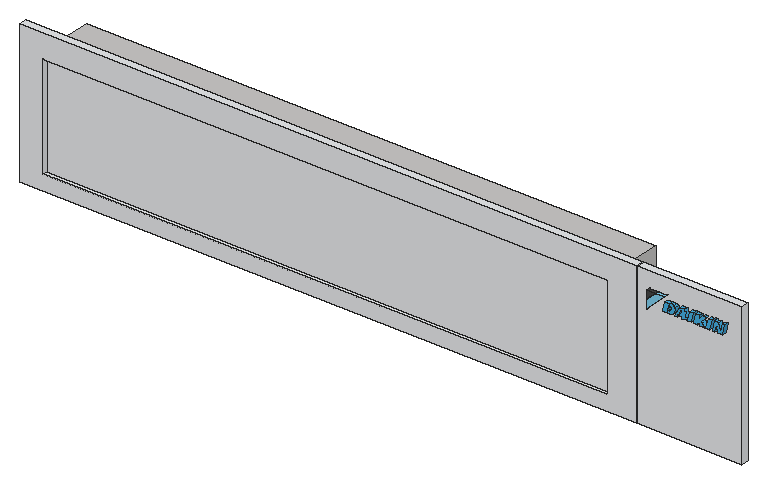
Revit family "outputfile", category 制気口, Revit 2024
Family settings
  丸型コネクタ寸法 = 直径を使用
  パーツ タイプ = 標準
  OmniClass 番号 = 23.75.70.21.27.11
  OmniClass タイトル = Diffusers, Registers, and Grilles
  作業面ベース = いいえ
  常に垂直 = はい
  ロード時にボイドで切り取り = いいえ
  注釈の向きを維持 = いいえ
  共有 = いいえ
  部屋計算ポイント = いいえ
Parameters (values of type "FPRAQ50APVM")
  Description = ""
  製造元 = "Daikin"
  書き出し IFC クラス(タイプ) = "IfcAirTerminalType"
  Default Elevation = 0 mm
  定義済み IFC タイプ(タイプ) = "GRILLE"
  Cost = 0
  モデル = "FPRAQ50APVM"
  Type Comments = ""
  Keynote = ""
  Type Image = (empty or 0)
  Assembly Code = ""
  Width = 922 mm
  Version = "ver.1.0"
  Unit Type = "Moisture Control 3D Air Flow Ceiling Mounted Duct Type"
  Unit Designation [instance] = ""
  Uniclass2015Version = "Products v1.35"
  Uniclass2015Title = "Air grilles"
  Uniclass2015Code = "Pr_70_65_04_03"
  URL = ""
  Series = "VRV Fan Coil Unit"
  SA Duct Size Width = 656 mm
  SA Duct Size Height = 141 mm
  Material_Grille = DAIKIN_FreshWhite_Panel_indoorunit
  IfcVersion = ""
  IfcExportType = "GRILLE"
  IfcExportAs = "IfcAirTerminalType"
  Height = 180 mm
  FCU Tag No. [instance] = ""
  Design Supply Airflow [instance] = 0.00 m³/h
  Depth = 70 mm
Reference planes
  plane 1 "Center (Front/Back)": y = 0
  plane 2: z = 90
  plane 3 "Center (Left/Right)": x = 10
  plane 4: x = 471
  plane 5: x = 337
  plane 6: x = -451
  plane 7: z = -90
  plane 8: z = -90
  plane 9: z = -75
  plane 10: x = 404
  plane 11: x = -421
  plane 12 "Center (Elevation)": z = 0
  plane 13: y = -10
  plane 14: y = -5
  plane 15: y = 60
  plane 16: z = 70.5
  plane 17: x = 305
  plane 18: z = 60
  plane 19: z = -23
  plane 20: z = -70.5
  plane 21: x = 408.5
  plane 22: x = 368
  plane 23: x = -58
Forms (mm)
  Extrusion 1, solid, material "DAIKIN_FreshWhite_Panel_indoorunit" <- "Material_Grille"
    sketch origin (10, 0, 0) x (0, 1, 0) y (0, 0, 1)
      loop
        line (0, 90) -> (-10, 90) -> (-10, -90) -> (0, -90) -> (0, 90)
    from 327 to 461
  Extrusion 2, solid, material "DAIKIN_FreshWhite_Panel_indoorunit" <- "Material_Grille"
    sketch origin (10, 0, 0) x (0, 1, 0) y (0, 0, 1)
      loop
        line (-10, 90) -> (-10, -90) -> (0, -90) -> (0, 90) -> (-10, 90)
    from -461 to 327
  Extrusion 3, void
    sketch origin (0, 0, 0) x (1, 0, 0) y (0, 0, 1)
      loop
        line (-421, 61) -> (-421, -70.5) -> (300.5, -70.5) -> (300.5, 61) -> (-421, 61)
    from 10 to 5
  Extrusion 4, solid, material "DAIKIN_GalvanizedSteel_Casing_indoorunit"
    sketch origin (0, 0, 0) x (1, 0, 0) y (0, 1, 0)
      loop
        line (-421, 60) -> (-421, 0) -> (305, 0) -> (305, 60) -> (-421, 60)
    from -70.5 to 70.5
  Extrusion 5, solid, material "DAIKIN_GalvanizedSteel_Casing_indoorunit"
    sketch origin (0, 0, 0) x (1, 0, 0) y (0, 1, 0)
      loop
        line (383.049, 33) -> (369.7, 19.651) -> (369.7, 0) -> (438.3, 0) -> (438.3, 33) -> (383.049, 33)
    from -23 to 60
Cuts and joins
  Extrusion 3 cuts Extrusion 2
  Extrusion 3 cuts Extrusion 1
Dimensions and locks
  locked: plane 2 to plane 7 at 180
  locked: plane 2 to Extrusion 3 sketch curve at 29
  locked: plane 2 to plane 9 at 165
  locked: plane 4 to plane 5 at 134
  locked: plane 11 to plane 6 at 30
  locked: plane 13 to plane 1 "Center (Front/Back)" at 10
  equal spacing: plane 13, plane 14, plane 1 "Center (Front/Back)"
  plane 6 to plane 3 "Center (Left/Right)" = 461 mm
  equal spacing: plane 4, plane 10, plane 5
  locked: plane 2 to plane 16 at 19.5
  locked: plane 17 to plane 4 at 166
  equal spacing: Extrusion 5 sketch curve, plane 10, Extrusion 5 sketch curve
  locked: Extrusion 5 sketch curve to Extrusion 5 sketch curve at 68.6
  locked: plane 1 "Center (Front/Back)" to Extrusion 5 sketch curve at 33
  plane 2 to plane 18 = 30 mm  (x2)
  locked: plane 19 to plane 8 at 67
  locked: plane 20 to plane 8 at 19.5
  "Width": plane 6 to plane 4
  "Depth": plane 15 to plane 13
  "Height": plane 2 to plane 8
  locked: plane 4 to plane 21 at 62.5
  locked: plane 22 to plane 5 at 31
  equal spacing: plane 17, plane 23, plane 11
  equal spacing: plane 4, plane 3 "Center (Left/Right)", plane 6
  aligned and locked: Extrusion 1 to plane 5
  aligned and locked: plane 4 to Extrusion 1
  aligned and locked: plane 7 to Extrusion 2 sketch curve
  aligned and locked: Extrusion 2 to Extrusion 1
  aligned and locked: Extrusion 2 to plane 6
  aligned and locked: Extrusion 3 to plane 11
  aligned and locked: Extrusion 1 sketch curve to plane 2
  aligned and locked: plane 2 to Extrusion 2 sketch curve
  aligned and locked: level to plane 12 "Center (Elevation)"
  aligned and locked: Extrusion 1 sketch curve to plane 1 "Center (Front/Back)"
  aligned and locked: plane 1 "Center (Front/Back)" to Extrusion 4 sketch curve
  aligned and locked: plane 14 to Extrusion 3
  aligned and locked: plane 1 "Center (Front/Back)" to Extrusion 2 sketch curve
  aligned and locked: plane 13 to Extrusion 2 sketch curve
  aligned and locked: Extrusion 2 to Extrusion 3
  aligned and locked: plane 13 to Extrusion 1 sketch curve
  aligned and locked: plane 15 to Extrusion 4
  aligned and locked: Extrusion 4 to cut or joined group of Extrusion 2, Extrusion 3
  aligned and locked: nested 1 to plane 16
  aligned and locked: plane 10 to nested 1
  aligned and locked: nested 1 to plane 13
  aligned and locked: plane 17 to Extrusion 4
  aligned and locked: Extrusion 5 sketch curve to plane 1 "Center (Front/Back)"
  aligned and locked: plane 18 to Extrusion 5
  aligned and locked: Extrusion 5 to plane 19
  aligned and locked: Extrusion 4 to plane 20
  aligned and locked: Extrusion 3 to Extrusion 4
  aligned and locked: Extrusion 4 to plane 16
  aligned and locked: Extrusion 1 sketch curve to plane 8
Automatic sketch dimensions
  plane 6 to Extrusion 3 sketch curve = 30 mm
  Extrusion 3 sketch curve to plane 5 = 36.5 mm
  Extrusion 4 sketch curve to plane 10 = 99 mm
  Extrusion 4 sketch curve to plane 11 = 0 mm
  Extrusion 4 sketch curve to plane 1 "Center (Front/Back)" = 60 mm
  Extrusion 5 sketch curve to Extrusion 5 sketch curve = 13.349 mm  (x2)
  plane 20 to Extrusion 3 sketch curve = 0 mm
Nested families
  nested 1: "daikin_logo_elevation_w100" at (419, -10, 45.5), type "daikin_logo_elevation_w100"
    with show_logo yes
Connectors
  hvac at (-58, 60, 0), driven by "SA Duct Size Height", driven by "SA Duct Size Width", driven by "Design Supply Airflow"
    settings: on Extrusion 4, index 1, duct flow 0.00 m³/h, flow factor 0, pres drop 0.0 Pa, loss coef 0, conn angle 0.00°, conn width 656.0 mm, conn height 141.0 mm, conn diameter 609.6 mm, duct sys type 1, conn prof type 1, flow config 1, flow direction 1, loss method 4, conn ref index -1, conn util no, is conn primary yes, conn desc "SA Duct"
Definition of nested family "daikin_logo_elevation_w100"
  Parameters (values of type "daikin_logo_elevation_w100")
    width = 100 mm
    show_logo [instance] = yes
    material = none
    height = 25 mm
    depth = 5 mm
    Default Elevation = 0 mm
  Reference planes
    plane 1 "Center (Front/Back)": y = 0
    plane 2: z = 0
    plane 3 "Center (Left/Right)": x = -15
    plane 4 "left": x = -65
    plane 5 "right": x = 35
    plane 6: y = -5
    plane 7: z = 25
  Forms (mm)
    Extrusion 1, solid
      sketch origin (0, 0, 0) x (1, 0, 0) y (0, 0, 1)
        loop
          line (-65, 25) -> (-65, 14.753) -> (-53.814, 25) -> (-65, 25)
      from 0 to 5
    Extrusion 2, solid
      sketch origin (0, 0, 0) x (1, 0, 0) y (0, 0, 1)
        loop
          line (-42.019, 25) -> (-53.814, 25) -> (-65, 14.753) -> (-65, 3.87) -> (-42.019, 25)
      from 0 to 5
    Extrusion 3, solid
      sketch origin (0, 0, 0) x (1, 0, 0) y (0, 0, 1)
        loop
          line (-35.602, 20.041) -> (-41.486, 20.041) -> (-44.428, 8.274) -> (-35.602, 8.274)
          arc (-35.602, 8.274) -> (-32.105, 8.983) -> (-29.415, 11.329) r 6.978
          arc (-29.415, 11.329) -> (-28.233, 14.382) -> (-28.637, 17.63) r 6.701
          arc (-28.637, 17.63) -> (-29.469, 18.814) -> (-30.709, 19.559) r 3.49
          arc (-30.709, 19.559) -> (-33.138, 19.976) -> (-35.602, 20.041) r 17.114
        loop
          line (-38.544, 10.627) -> (-36.191, 10.627)
          arc (-36.191, 10.627) -> (-34.383, 11.838) -> (-33.335, 13.745) r 4.6
          arc (-33.335, 13.745) -> (-33.193, 15.202) -> (-33.538, 16.625) r 4.404
          arc (-33.538, 16.625) -> (-34.051, 17.128) -> (-34.72, 17.393) r 1.818
          line (-34.72, 17.393) -> (-37.073, 17.393) -> (-38.544, 10.627)
        loop
          line (-29.13, 8.274) -> (-25.894, 8.274) -> (-24.791, 10.333) -> (-20.158, 10.333) -> (-19.717, 8.274) -> (-14.422, 8.274) -> (-16.775, 20.041) -> (-22.659, 20.041) -> (-29.13, 8.274)
        loop
          line (-23.373, 12.98) -> (-20.725, 12.98) -> (-21.482, 16.511) -> (-23.373, 12.98)
        loop
          line (-10.009, 20.041) -> (-12.951, 8.274) -> (-7.95, 8.274) -> (-5.008, 20.041) -> (-10.009, 20.041)
        loop
          line (-5.008, 8.274) -> (-0.007, 8.274) -> (0.792, 11.472) -> (3.229, 8.274) -> (9.407, 8.274) -> (4.7, 14.451) -> (11.466, 20.041) -> (6.171, 20.041) -> (2.093, 16.672) -> (2.935, 20.041) -> (-2.066, 20.041) -> (-5.008, 8.274)
        loop
          line (10.583, 8.274) -> (15.879, 8.274) -> (18.82, 20.041) -> (13.819, 20.041) -> (10.583, 8.274)
        loop
          line (18.82, 8.274) -> (22.35, 8.274) -> (24.013, 14.925) -> (26.175, 8.274) -> (32.058, 8.274) -> (35, 20.041) -> (31.47, 20.041) -> (29.679, 12.878) -> (27.351, 20.041) -> (21.762, 20.041) -> (18.82, 8.274)
      from 0 to 5
  Lines and regions (mm)
    model lines
      curve 1: line (-42.019, 0, 25) -> (-52.024, 0, 25)
      curve 2: line (-52.024, 0, 25) -> (-65, 0, 13.114)
      curve 3: line (-65, 0, 13.114) -> (-65, 0, 3.87)
      curve 4: line (-65, 0, 3.87) -> (-42.019, 0, 25)
      curve 5: line (-65, 0, 14.753) -> (-65, 0, 25)
      curve 6: line (-65, 0, 25) -> (-53.814, 0, 25)
      curve 7: line (-53.814, 0, 25) -> (-65, 0, 14.753)
      curve 8: line (-20.725, 0, 12.98) -> (-23.373, 0, 12.98)
      curve 9: line (-23.373, 0, 12.98) -> (-21.482, 0, 16.511)
      curve 10: line (-21.482, 0, 16.511) -> (-20.725, 0, 12.98)
      curve 11: line (-19.717, 0, 8.274) -> (-20.158, 0, 10.333)
      curve 12: line (-20.158, 0, 10.333) -> (-24.791, 0, 10.333)
      curve 13: line (-24.791, 0, 10.333) -> (-25.894, 0, 8.274)
      curve 14: line (-25.894, 0, 8.274) -> (-29.13, 0, 8.274)
      curve 15: line (-29.13, 0, 8.274) -> (-22.659, 0, 20.041)
      curve 16: line (-22.659, 0, 20.041) -> (-16.775, 0, 20.041)
      curve 17: line (-36.191, 0, 10.627) -> (-38.544, 0, 10.627)
      curve 18: line (-38.544, 0, 10.627) -> (-37.073, 0, 17.393)
      curve 19: line (-37.073, 0, 17.393) -> (-34.72, 0, 17.393)
      curve 20: line (-5.008, 0, 20.041) -> (-10.009, 0, 20.041)
      curve 21: line (-10.009, 0, 20.041) -> (-12.951, 0, 8.274)
      curve 22: line (-12.951, 0, 8.274) -> (-7.95, 0, 8.274)
      curve 23: line (-7.95, 0, 8.274) -> (-5.008, 0, 20.041)
      curve 24: line (24.013, 0, 14.925) -> (22.35, 0, 8.274)
      curve 25: line (22.35, 0, 8.274) -> (18.82, 0, 8.274)
      curve 26: line (18.82, 0, 8.274) -> (21.762, 0, 20.041)
      curve 27: line (21.762, 0, 20.041) -> (27.351, 0, 20.041)
      curve 28: line (27.351, 0, 20.041) -> (29.679, 0, 12.878)
      curve 29: line (29.679, 0, 12.878) -> (31.47, 0, 20.041)
      curve 30: line (31.47, 0, 20.041) -> (35, 0, 20.041)
      curve 31: line (35, 0, 20.041) -> (32.058, 0, 8.274)
      curve 32: line (32.058, 0, 8.274) -> (26.175, 0, 8.274)
      curve 33: line (26.175, 0, 8.274) -> (24.013, 0, 14.925)
      curve 34: line (-16.775, 0, 20.041) -> (-14.422, 0, 8.274)
      curve 35: line (-14.422, 0, 8.274) -> (-19.717, 0, 8.274)
      curve 36: line (-35.602, 0, 20.041) -> (-41.486, 0, 20.041)
      curve 37: line (-41.486, 0, 20.041) -> (-44.428, 0, 8.274)
      curve 38: line (-44.428, 0, 8.274) -> (-35.602, 0, 8.274)
      curve 39: line (10.583, 0, 8.274) -> (15.879, 0, 8.274)
      curve 40: line (15.879, 0, 8.274) -> (18.82, 0, 20.041)
      curve 41: line (18.82, 0, 20.041) -> (13.819, 0, 20.041)
      curve 42: line (13.819, 0, 20.041) -> (10.583, 0, 8.274)
      curve 43: line (3.229, 0, 8.274) -> (0.792, 0, 11.472)
      curve 44: line (0.792, 0, 11.472) -> (-0.007, 0, 8.274)
      curve 45: line (-0.007, 0, 8.274) -> (-5.008, 0, 8.274)
      curve 46: line (-5.008, 0, 8.274) -> (-2.066, 0, 20.041)
      curve 47: line (-2.066, 0, 20.041) -> (2.935, 0, 20.041)
      curve 48: line (2.935, 0, 20.041) -> (2.093, 0, 16.672)
      curve 49: line (2.093, 0, 16.672) -> (6.171, 0, 20.041)
      curve 50: line (6.171, 0, 20.041) -> (11.466, 0, 20.041)
      curve 51: line (11.466, 0, 20.041) -> (4.7, 0, 14.451)
      curve 52: line (4.7, 0, 14.451) -> (9.407, 0, 8.274)
      curve 53: line (9.407, 0, 8.274) -> (3.229, 0, 8.274)
      curve 54: arc (-36.191, 0, 10.627) -> (-34.383, 0, 11.838) -> (-33.335, 0, 13.745) r 4.6
      curve 55: arc (-33.335, 0, 13.745) -> (-33.193, 0, 15.202) -> (-33.538, 0, 16.625) r 4.404
      curve 56: arc (-33.538, 0, 16.625) -> (-34.051, 0, 17.128) -> (-34.72, 0, 17.393) r 1.818
      curve 57: arc (-35.602, 0, 8.274) -> (-32.105, 0, 8.983) -> (-29.415, 0, 11.329) r 6.978
      curve 58: arc (-29.415, 0, 11.329) -> (-28.233, 0, 14.382) -> (-28.637, 0, 17.63) r 6.701
      curve 59: arc (-28.637, 0, 17.63) -> (-29.469, 0, 18.814) -> (-30.709, 0, 19.559) r 3.49
      curve 60: arc (-30.709, 0, 19.559) -> (-33.138, 0, 19.976) -> (-35.602, 0, 20.041) r 17.114
  Dimensions and locks
    "width": plane 4 "left" to plane 5 "right"
    "depth": plane 6 to plane 1 "Center (Front/Back)"
    equal spacing: plane 4 "left", plane 3 "Center (Left/Right)", plane 5 "right"
    "height": plane 7 to plane 2
    aligned and locked: level to plane 2
    aligned and locked: Extrusion 1 sketch curve to plane 4 "left"
    aligned and locked: Extrusion 1 sketch curve to plane 7
    aligned and locked: plane 7 to Extrusion 2 sketch curve
    aligned and locked: plane 4 "left" to Extrusion 2 sketch curve
    aligned and locked: Extrusion 3 to plane 6
    aligned and locked: Extrusion 1 to plane 6
    aligned and locked: Extrusion 2 to plane 6
  Automatic sketch dimensions
    plane 4 "left" to curve 5 = 0 mm
    plane 4 "left" to curve 2 = 0 mm
    curve 30 to plane 5 "right" = 0 mm
    curve 5 to curve 6 = 11.186 mm
    curve 6 to curve 2 = 1.79 mm
    curve 2 to curve 37 = 7.597 mm
    curve 2 to curve 1 = 10.005 mm
    curve 1 to curve 37 = 0.534 mm
    curve 37 to curve 18 = 5.884 mm
    curve 17 to curve 54 = 0.769 mm
    curve 54 to curve 55 = 0.188 mm
    curve 54 to curve 19 = 0.702 mm
    curve 17 to curve 17 = 2.353 mm
    curve 18 to curve 36 = 1.471 mm
    curve 17 to curve 38 = 0.588 mm
    curve 55 to curve 57 = 2.392 mm
    curve 57 to curve 56 = 0.152 mm
    curve 57 to curve 58 = 0.311 mm
    curve 57 to curve 60 = 0.787 mm
    curve 56 to curve 19 = 0.322 mm
    curve 19 to curve 59 = 2.873 mm
    curve 57 to curve 15 = 6.472 mm
    curve 14 to curve 13 = 3.236 mm
    curve 13 to curve 13 = 1.103 mm
    curve 12 to curve 8 = 1.418 mm
    curve 8 to curve 16 = 0.714 mm
    curve 15 to curve 10 = 1.177 mm
    curve 8 to curve 10 = 2.648 mm
    curve 8 to curve 12 = 0.567 mm
    curve 11 to curve 35 = 0.441 mm
    curve 16 to plane 3 "Center (Left/Right)" = 1.775 mm
    plane 3 "Center (Left/Right)" to curve 35 = 0.578 mm
    curve 34 to curve 21 = 1.471 mm
    plane 3 "Center (Left/Right)" to curve 21 = 4.991 mm
    curve 21 to curve 23 = 5.001 mm
    curve 20 to curve 23 = 5.001 mm
    curve 22 to curve 45 = 2.942 mm
    curve 20 to curve 47 = 2.942 mm
    curve 45 to curve 44 = 5.001 mm
    curve 44 to curve 44 = 0.799 mm
    curve 46 to curve 49 = 4.159 mm
    curve 49 to curve 48 = 0.842 mm
    curve 44 to curve 53 = 3.236 mm
    curve 48 to curve 52 = 2.607 mm
    curve 47 to curve 49 = 3.236 mm
    curve 43 to curve 53 = 6.178 mm
    curve 52 to curve 39 = 1.177 mm
    curve 49 to curve 51 = 5.295 mm
    curve 50 to curve 41 = 2.353 mm
    curve 39 to curve 39 = 5.295 mm
    curve 41 to curve 40 = 5.001 mm
    curve 39 to curve 25 = 2.942 mm
    curve 40 to curve 26 = 2.942 mm
    curve 25 to curve 24 = 3.53 mm
    curve 26 to curve 33 = 2.251 mm
    curve 24 to curve 33 = 3.824 mm
    curve 26 to curve 27 = 5.589 mm
    curve 29 to plane 5 "right" = 5.321 mm
    curve 29 to curve 30 = 3.53 mm
    curve 31 to plane 5 "right" = 2.942 mm
    curve 60 to plane 7 = 22.055 mm
    curve 60 to curve 3 = 0.925 mm
    curve 60 to curve 37 = 5.329 mm
    curve 60 to curve 34 = 5.329 mm
    curve 32 to curve 34 = 0 mm
    curve 39 to curve 32 = 0 mm
    curve 43 to curve 39 = 0 mm
    curve 26 to curve 39 = 0 mm
    curve 23 to curve 34 = 0 mm
    curve 13 to curve 11 = 0 mm
    curve 44 to curve 43 = 0 mm
    curve 11 to curve 11 = 2.059 mm
    curve 38 to curve 17 = 2.353 mm
    curve 44 to curve 43 = 3.198 mm
    curve 31 to curve 29 = 4.604 mm
    curve 12 to curve 8 = 2.648 mm
    curve 4 to curve 2 = 9.244 mm
    curve 43 to curve 51 = 2.98 mm
    curve 2 to curve 5 = 1.639 mm
    curve 17 to curve 55 = 4.265 mm
    curve 28 to curve 24 = 2.046 mm
    curve 55 to curve 54 = 0.053 mm
    curve 55 to curve 58 = 0.311 mm
    curve 58 to curve 57 = 0.037 mm
    curve 57 to curve 56 = 0.364 mm
    curve 58 to curve 59 = 1.057 mm
    curve 8 to curve 9 = 3.53 mm
    curve 51 to curve 48 = 2.22 mm
    curve 54 to curve 18 = 2.447 mm
    curve 22 to curve 21 = 11.767 mm
    curve 46 to curve 20 = 0 mm
    curve 24 to curve 26 = 5.116 mm
    curve 49 to curve 47 = 0 mm
    curve 42 to curve 50 = 0 mm
    curve 9 to curve 16 = 3.53 mm
    curve 29 to curve 27 = 0 mm
    curve 18 to curve 37 = 2.648 mm
    curve 36 to curve 6 = 4.959 mm
    curve 36 to curve 4 = 4.959 mm
    curve 19 to curve 55 = 1.182 mm
    curve 59 to curve 60 = 1.138 mm
    curve 58 to curve 14 = 0.285 mm
    Extrusion 1 sketch curve to plane 4 "left" = 11.186 mm
    Extrusion 1 sketch curve to plane 7 = 10.247 mm
    Extrusion 2 sketch curve to plane 4 "left" = 22.981 mm
    Extrusion 2 sketch curve to plane 7 = 10.247 mm
    level to Extrusion 2 sketch curve = 3.87 mm
    Extrusion 2 sketch curve to plane 4 "left" = 11.186 mm
    Extrusion 3 sketch curve to plane 7 = 4.959 mm  (x5)
    Extrusion 3 sketch curve to plane 3 "Center (Left/Right)" = 20.602 mm
    level to Extrusion 3 sketch curve = 2.945 mm
    Extrusion 3 sketch curve to Extrusion 3 sketch curve = 0.787 mm  (x2)
    Extrusion 3 sketch curve to Extrusion 3 sketch curve = 5.884 mm
    Extrusion 3 sketch curve to Extrusion 3 sketch curve = 4.894 mm
    Extrusion 3 sketch curve to Extrusion 3 sketch curve = 1.138 mm
    Extrusion 3 sketch curve to Extrusion 3 sketch curve = 3.299 mm
    Extrusion 3 sketch curve to Extrusion 3 sketch curve = 2.072 mm
    Extrusion 3 sketch curve to Extrusion 3 sketch curve = 3.036 mm
    Extrusion 3 sketch curve to Extrusion 3 sketch curve = 1.057 mm
    Extrusion 3 sketch curve to Extrusion 3 sketch curve = 2.432 mm
    Extrusion 3 sketch curve to Extrusion 3 sketch curve = 0.311 mm
    Extrusion 3 sketch curve to Extrusion 3 sketch curve = 0.037 mm
    Extrusion 3 sketch curve to Extrusion 3 sketch curve = 8.825 mm
    Extrusion 3 sketch curve to plane 7 = 7.607 mm
    Extrusion 3 sketch curve to Extrusion 3 sketch curve = 1.879 mm
    Extrusion 3 sketch curve to Extrusion 3 sketch curve = 2.942 mm  (x5)
    Extrusion 3 sketch curve to Extrusion 3 sketch curve = 0.163 mm
    Extrusion 3 sketch curve to Extrusion 3 sketch curve = 0.152 mm
    Extrusion 3 sketch curve to Extrusion 3 sketch curve = 0.364 mm
    Extrusion 3 sketch curve to Extrusion 3 sketch curve = 1.182 mm
    Extrusion 3 sketch curve to Extrusion 3 sketch curve = 2.392 mm
    Extrusion 3 sketch curve to Extrusion 3 sketch curve = 0.348 mm
    Extrusion 3 sketch curve to Extrusion 3 sketch curve = 1.548 mm
    Extrusion 3 sketch curve to Extrusion 3 sketch curve = 0.188 mm
    Extrusion 3 sketch curve to Extrusion 3 sketch curve = 0.053 mm
    Extrusion 3 sketch curve to Extrusion 3 sketch curve = 2.353 mm  (x2)
    Extrusion 3 sketch curve to Extrusion 3 sketch curve = 5.979 mm
    Extrusion 3 sketch curve to Extrusion 3 sketch curve = 0.285 mm
    Extrusion 3 sketch curve to plane 3 "Center (Left/Right)" = 1.775 mm
    Extrusion 3 sketch curve to Extrusion 3 sketch curve = 3.056 mm
    plane 3 "Center (Left/Right)" to Extrusion 3 sketch curve = 0.578 mm
    Extrusion 3 sketch curve to plane 3 "Center (Left/Right)" = 4.717 mm
    Extrusion 3 sketch curve to Extrusion 3 sketch curve = 0.441 mm
    Extrusion 3 sketch curve to Extrusion 3 sketch curve = 2.059 mm  (x2)
    Extrusion 3 sketch curve to Extrusion 3 sketch curve = 4.633 mm
    Extrusion 3 sketch curve to Extrusion 3 sketch curve = 1.103 mm
    Extrusion 3 sketch curve to Extrusion 3 sketch curve = 1.177 mm  (x2)
    Extrusion 3 sketch curve to Extrusion 3 sketch curve = 3.53 mm  (x2)
    Extrusion 3 sketch curve to Extrusion 3 sketch curve = 1.418 mm
    Extrusion 3 sketch curve to Extrusion 3 sketch curve = 2.648 mm  (x2)
    plane 3 "Center (Left/Right)" to Extrusion 3 sketch curve = 4.991 mm
    Extrusion 3 sketch curve to Extrusion 3 sketch curve = 1.471 mm
    Extrusion 3 sketch curve to Extrusion 3 sketch curve = 5.001 mm  (x4)
    Extrusion 3 sketch curve to Extrusion 3 sketch curve = 0 mm  (x8)
    Extrusion 3 sketch curve to plane 7 = 8.328 mm
    Extrusion 3 sketch curve to Extrusion 3 sketch curve = 0.842 mm
    Extrusion 3 sketch curve to Extrusion 3 sketch curve = 3.236 mm  (x2)
    Extrusion 3 sketch curve to Extrusion 3 sketch curve = 5.295 mm  (x2)
    Extrusion 3 sketch curve to Extrusion 3 sketch curve = 2.607 mm
    Extrusion 3 sketch curve to Extrusion 3 sketch curve = 2.22 mm
    Extrusion 3 sketch curve to Extrusion 3 sketch curve = 4.707 mm
    Extrusion 3 sketch curve to Extrusion 3 sketch curve = 6.178 mm
    Extrusion 3 sketch curve to Extrusion 3 sketch curve = 2.436 mm
    Extrusion 3 sketch curve to Extrusion 3 sketch curve = 3.198 mm
    Extrusion 3 sketch curve to Extrusion 3 sketch curve = 5.589 mm
    Extrusion 3 sketch curve to plane 5 "right" = 5.321 mm
    Extrusion 3 sketch curve to Extrusion 3 sketch curve = 7.163 mm
    Extrusion 3 sketch curve to plane 5 "right" = 3.53 mm
    Extrusion 3 sketch curve to plane 5 "right" = 0 mm
    Extrusion 3 sketch curve to plane 5 "right" = 2.942 mm
    Extrusion 3 sketch curve to Extrusion 3 sketch curve = 4.604 mm
    Extrusion 3 sketch curve to Extrusion 3 sketch curve = 3.504 mm
    Extrusion 3 sketch curve to Extrusion 3 sketch curve = 2.251 mm
    Extrusion 3 sketch curve to Extrusion 3 sketch curve = 5.116 mm
